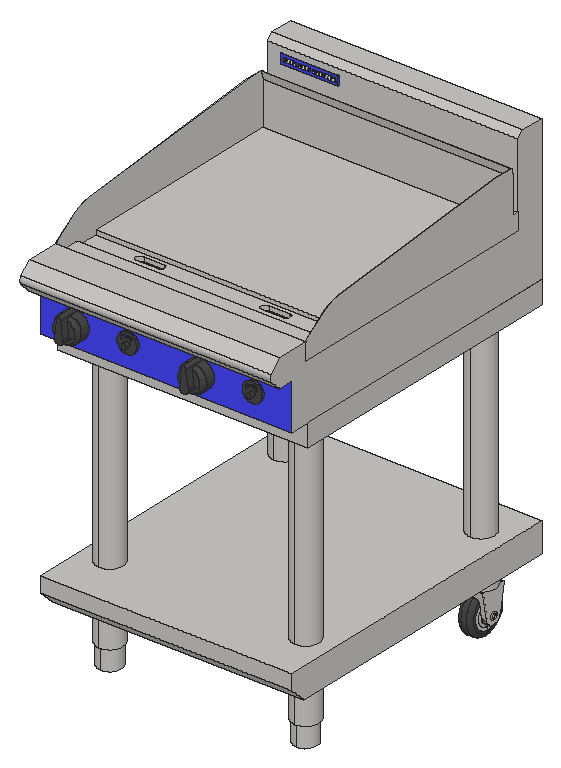
Revit family "QF_MOFFAT_BLUESEAL_CE_G514B-LS", category Specialty Equipment, Revit 2012
Parameters
  Weight in Pounds = 176  # constant formula
  URL Cutsheet = "www.moffat.com"
  URL = "www.moffat.com"
  Type Mark [instance] = ""
  Status [instance] = ""
  Specification by User [instance] = ""
  Specification by Manufacturer = ""
  Show Logo [instance] = yes
  Show Casters [instance] = yes
  Serial Number = ""
  Seismic Rating = ""
  SMACNA No = ""
  Revision Code [instance] = ""
  Omniclass Number and Title = ""
  NAFEM Spec ID Number = ""
  Model = "G514B-LS"
  Mechanical Remarks = ""
  Mechanical Connection Type = ""
  Masterspec = ""
  Manufacturer = "MOFFAT BLUESEAL"
  Legs [instance] = not(Show Casters)  # no
  Item Number [instance] = ""
  Installed By [instance] = ""
  Identify Quantity as Lot [instance] = yes
  Gas Size = 3/4"
  Gas RI Height = 0 mm
  Gas KW = 12
  Gas Input = 40800.0 Btu/h
  Gas Connection Height = 0 mm
  Furnished By [instance] = ""
  Foodservice Equipment Identifier [instance] = yes
  Description = "600MM GAS GRIDDLE PLATE ON LEG STAND"
  CSI MasterFormat = ""
  CSI Master Format = ""
  Base Height [instance] = 150 mm
Reference planes
  plane 1 "BACK": y = 0
  plane 2: z = 0
  plane 3 "LEFT": x = 0
  plane 4 "RIGHT": x = 600
  plane 5 "FRONT": y = -812
  plane 6 "TOP": z = 970
  plane 7 "Center Y": x = 300
  plane 8 "Center X": y = -406
  plane 9 "Base Height": z = 150
  plane 10: z = 915
  plane 11: y = -31
  plane 12: x = 470
  plane 13: z = 1085
  plane 14: y = -625
  plane 15: y = -100
  plane 16: z = 655
Forms (mm)
  Extrusion 1, solid, material "QF_Finishes_Stainless Steel"
    sketch origin (0, 0, 0) x (0, 1, 0) y (0, 0, 1)
      loop
        line (-749, 850) -> (-749, 740) -> (0, 740) -> (0, 1085) -> (-57.5, 1085) -> (-70, 1072.5) -> (-70, 875) -> (-705, 875) -> (-705, 915) -> (-783.97, 915) -> (-808.485, 890.485)
        arc (-808.485, 890.485) -> (-811.999, 882) -> (-808.485, 873.515) r 12
        line (-808.485, 873.515) -> (-784.97, 850) -> (-749, 850)
      loop
        line (0, 685) -> (0, 739.5) -> (-699, 739.5) -> (-699, 685) -> (0, 685)
      loop
        line (0, 222.5) -> (-749, 222.5) -> (-749, 186) -> (-713, 150) -> (0, 150) -> (0, 222.5)
    from 0 to 600
  Revolve 2, solid, material "QF_Finishes_Black"
    sketch origin (90, 7, 600) x (0, 1, 0) y (0, 0, -1)
      loop
        line (-789, -229.5) -> (-766, -229.5) -> (-766, -202) -> (-756, -202) -> (-756, -197) -> (-800, -197) -> (-800, -223.651) -> (-789, -229.5)
      axis (-800, -197) -> (-756, -197)
    angle from 0 to 360
  Extrusion 3, solid, material "QF_Finishes_Black"
    sketch origin (90, -759, 797) x (0, 0, 1) y (1, 0, 0)
      loop
        arc (32.192, -4.965) -> (37.079, 0.034) -> (32.192, 5.033) r 5
        line (32.192, 5.033) -> (-10.726, 10.453)
        arc (-10.726, 10.453) -> (-22.392, 0.618) -> (-11.893, -10.454) r 10.487
        line (-11.893, -10.454) -> (32.192, -4.965)
    from 0 to -49
  Extrusion 4, solid, material "QF_Finishes_Stainless Steel"
    sketch origin (0, 0, 222.5) x (0, -1, 0) y (1, 0, 0)
      loop
        circle (100, 65) r 31.75
      loop
        circle (625, 65) r 31.75
      loop
        circle (100, 535) r 31.75
      loop
        circle (625, 535) r 31.75
    from 0 to 462.5
  Revolve 5, solid, material "QF_Finishes_Stainless Steel", visible <- "Legs"
    sketch origin (65.5, -166, 0) x (0, 1, 0) y (0, 0, 1)
      loop
        line (34.25, 150) -> (34.25, 50) -> (38.5, 50) -> (38.5, 0) -> (66, 0) -> (66, 150) -> (34.25, 150)
      axis (66, 150) -> (66, 0)
    angle from 0 to 360
  Revolve 6, solid, material "QF_Finishes_Stainless Steel"
    sketch origin (65.5, -735, 0) x (0, 1, 0) y (0, 0, 1)
      loop
        line (78.25, 150) -> (78.25, 50) -> (82.5, 50) -> (82.5, 0) -> (110, 0) -> (110, 150) -> (78.25, 150)
      axis (110, 150) -> (110, 0)
    angle from 0 to 360
  Revolve 7, solid, material "QF_Finishes_Stainless Steel", visible <- "Legs"
    sketch origin (534.5, -166, 0) x (0, 1, 0) y (0, 0, -1)
      loop
        line (34.25, -150) -> (66, -150) -> (66, 0) -> (38.5, 0) -> (38.5, -50) -> (34.25, -50) -> (34.25, -150)
      axis (66, -150) -> (66, 0)
    angle from 0 to 360
  Revolve 8, solid, material "QF_Finishes_Stainless Steel"
    sketch origin (534.5, -728, 0) x (0, 1, 0) y (0, 0, -1)
      loop
        line (71.25, -150) -> (103, -150) -> (103, 0) -> (75.5, 0) -> (75.5, -50) -> (71.25, -50) -> (71.25, -150)
      axis (103, -150) -> (103, 0)
    angle from 0 to 360
  Revolve 9, solid, material "QF_Finishes_Black"
    sketch origin (390, 7, 600) x (0, 1, 0) y (0, 0, -1)
      loop
        line (-789, -229.5) -> (-766, -229.5) -> (-766, -202) -> (-756, -202) -> (-756, -197) -> (-800, -197) -> (-800, -223.651) -> (-789, -229.5)
      axis (-800, -197) -> (-756, -197)
    angle from 0 to 360
  Extrusion 10, solid, material "QF_Finishes_Black"
    sketch origin (390, -759, 797) x (0, 0, 1) y (1, 0, 0)
      loop
        arc (32.192, -4.965) -> (37.079, 0.034) -> (32.192, 5.033) r 5
        line (32.192, 5.033) -> (-10.726, 10.453)
        arc (-10.726, 10.453) -> (-22.392, 0.618) -> (-11.893, -10.454) r 10.487
        line (-11.893, -10.454) -> (32.192, -4.965)
    from 0 to -49
  Extrusion 11, solid, material "QF_Finishes_Black"
    sketch origin (0, -749, 850) x (0, 0, -1) y (1, 0, 0)
      loop
        circle (53, 210) r 23.9
      loop
        circle (53, 510) r 23.9
      loop
        arc (41.701, 524.079) -> (35.116, 509.341) -> (42.919, 495.209) r 18.095
        arc (42.919, 495.209) -> (47.641, 496.491) -> (46.326, 501.204) r 3.448
        arc (46.326, 501.204) -> (42.758, 509.683) -> (45.641, 518.419) r 13.109
        arc (45.641, 518.419) -> (46.501, 523.219) -> (41.701, 524.079) r 3.448
      loop
        arc (41.701, 224.079) -> (35.116, 209.341) -> (42.919, 195.209) r 18.095
        arc (42.919, 195.209) -> (47.641, 196.491) -> (46.326, 201.204) r 3.448
        arc (46.326, 201.204) -> (42.758, 209.683) -> (45.641, 218.419) r 13.109
        arc (45.641, 218.419) -> (46.501, 223.219) -> (41.701, 224.079) r 3.448
    from 0 to 5
  Revolve 12, solid, material "QF_Finishes_Stainless Steel", visible <- "Show Casters"
    sketch origin (16.276, -100.755, -13.653) x (1, 0, 0) y (0, 0, 1)
      loop
        line (14.841, 63.604) -> (83.584, 63.604) -> (83.584, 67.109) -> (82.314, 68.379) -> (80.79, 68.379) -> (80.79, 71.826) -> (68.644, 71.826) -> (68.644, 81.79) -> (65.088, 83.843) -> (63.738, 92.179) -> (65.881, 92.179) -> (65.881, 98.529) -> (65.088, 98.529) -> (65.088, 104.879)
        arc (65.088, 104.879) -> (62.298, 111.614) -> (55.563, 114.404) r 9.525
        line (55.563, 114.404) -> (42.863, 114.404)
        arc (42.863, 114.404) -> (36.127, 111.614) -> (33.338, 104.879) r 9.525
        line (33.338, 104.879) -> (33.338, 98.529) -> (32.544, 98.529) -> (32.544, 92.179) -> (34.687, 92.179) -> (33.352, 83.932) -> (29.782, 81.871) -> (29.782, 71.826) -> (17.635, 71.826) -> (17.635, 68.379) -> (16.111, 68.379) -> (14.841, 67.109) -> (14.841, 63.604)
      axis (14.841, 63.604) -> (83.584, 63.604)
    angle from 0 to 360
  Extrusion 13, solid, material "QF_Finishes_Stainless Steel", visible <- "Show Casters"
    sketch origin (72.001, 132.353, -8.783) x (0, 1, 0) y (0, 0, 1)
      loop
        line (-200.603, 118.783) -> (-264.103, 118.783) -> (-251.746, 53.895)
        arc (-251.746, 53.895) -> (-232.353, 38.783) -> (-212.959, 53.895) r 20
        line (-212.959, 53.895) -> (-200.603, 118.783)
    from -35.667 to 22.923
  Revolve 14, solid, material "QF_Finishes_Stainless Steel", visible <- "Show Casters"
    sketch origin (65.5, -204, 0) x (0, 1, 0) y (0, 0, 1)
      loop
        line (68.25, 150) -> (68.25, 110) -> (104, 110) -> (104, 150) -> (68.25, 150)
      axis (104, 150) -> (104, 110)
    angle from 0 to 360
  Revolve 15, solid, material "QF_Finishes_Stainless Steel", visible <- "Legs"
    sketch origin (65.5, -166, 0) x (0, 1, 0) y (0, 0, 1)
      loop
        line (34.25, 150) -> (34.25, 50) -> (38.5, 50) -> (38.5, 0) -> (66, 0) -> (66, 150) -> (34.25, 150)
      axis (66, 150) -> (66, 0)
    angle from 0 to 360
  Revolve 16, solid, material "QF_Finishes_Stainless Steel", visible <- "Show Casters"
    sketch origin (485.276, -100.755, -13.653) x (1, 0, 0) y (0, 0, 1)
      loop
        line (14.841, 63.604) -> (83.584, 63.604) -> (83.584, 67.109) -> (82.314, 68.379) -> (80.79, 68.379) -> (80.79, 71.826) -> (68.644, 71.826) -> (68.644, 81.79) -> (65.088, 83.843) -> (63.738, 92.179) -> (65.881, 92.179) -> (65.881, 98.529) -> (65.088, 98.529) -> (65.088, 104.879)
        arc (65.088, 104.879) -> (62.298, 111.614) -> (55.563, 114.404) r 9.525
        line (55.563, 114.404) -> (42.863, 114.404)
        arc (42.863, 114.404) -> (36.127, 111.614) -> (33.338, 104.879) r 9.525
        line (33.338, 104.879) -> (33.338, 98.529) -> (32.544, 98.529) -> (32.544, 92.179) -> (34.687, 92.179) -> (33.352, 83.932) -> (29.782, 81.871) -> (29.782, 71.826) -> (17.635, 71.826) -> (17.635, 68.379) -> (16.111, 68.379) -> (14.841, 67.109) -> (14.841, 63.604)
      axis (14.841, 63.604) -> (83.584, 63.604)
    angle from 0 to 360
  Extrusion 17, solid, material "QF_Finishes_Stainless Steel", visible <- "Show Casters"
    sketch origin (541.001, 132.353, -8.783) x (0, 1, 0) y (0, 0, 1)
      loop
        line (-200.603, 118.783) -> (-264.103, 118.783) -> (-251.746, 53.895)
        arc (-251.746, 53.895) -> (-232.353, 38.783) -> (-212.959, 53.895) r 20
        line (-212.959, 53.895) -> (-200.603, 118.783)
    from -35.667 to 22.923
  Revolve 18, solid, material "QF_Finishes_Stainless Steel", visible <- "Show Casters"
    sketch origin (534.5, -204, 0) x (0, 1, 0) y (0, 0, 1)
      loop
        line (68.25, 150) -> (68.25, 110) -> (104, 110) -> (104, 150) -> (68.25, 150)
      axis (104, 150) -> (104, 110)
    angle from 0 to 360
  Extrusion 19, solid, material "QF_Finishes_Black"
    sketch origin (0, -754, 850) x (0, 0, -1) y (1, 0, 0)
      loop
        circle (56.5, 510) r 5.75
      loop
        circle (56.5, 210) r 5.75
    from 0 to 10
  Extrusion 20, solid, material "QF_Finishes_Stainless Steel"
    sketch origin (0, 0, 685) x (-1, 0, 0) y (0, 1, 0)
      loop
        circle (-470, -32) r 6.35
    from 0 to 30
Lines and regions (mm)
  Split face 1
    outline origin (0, -56.5, 1085) x (0, 1, 0) y (-1, 0, 0)
      loop
        arc (11.115, -264.794) -> (16.115, -273.455) -> (26.115, -273.455) r 10
        line (26.115, -273.455) -> (33.115, -269.413)
        arc (33.115, -269.413) -> (36.775, -265.753) -> (38.115, -260.753) r 10
        line (38.115, -260.753) -> (38.115, -32.794)
        arc (38.115, -32.794) -> (33.115, -24.134) -> (23.115, -24.134) r 10
        line (23.115, -24.134) -> (16.115, -28.176)
        arc (16.115, -28.176) -> (12.455, -31.836) -> (11.115, -36.836) r 10
        line (11.115, -36.836) -> (11.115, -264.794)
  Split face 2
    outline origin (0, -56.5, 1085) x (0, 1, 0) y (-1, 0, 0)
      loop
        arc (11.115, -564.794) -> (16.115, -573.455) -> (26.115, -573.455) r 10
        line (26.115, -573.455) -> (33.115, -569.413)
        arc (33.115, -569.413) -> (36.775, -565.753) -> (38.115, -560.753) r 10
        line (38.115, -560.753) -> (38.115, -332.794)
        arc (38.115, -332.794) -> (33.115, -324.134) -> (23.115, -324.134) r 10
        line (23.115, -324.134) -> (16.115, -328.176)
        arc (16.115, -328.176) -> (12.455, -331.836) -> (11.115, -336.836) r 10
        line (11.115, -336.836) -> (11.115, -564.794)
  symbolic lines, style "SpecialityEquipmentHiddenLines", visible <- "Show Casters"
    curve 1: line (78.456, -46.735, 0) -> (105.952, -62.61, 0)
    curve 2: line (27.656, -134.723, 0) -> (78.456, -46.735, 0)
    curve 3: line (55.152, -150.598, 0) -> (27.656, -134.723, 0)
    curve 4: line (105.952, -62.61, 0) -> (55.152, -150.598, 0)
    curve 5: line (548.456, -46.735, 0) -> (575.952, -62.61, 0)
    curve 6: line (497.656, -134.723, 0) -> (548.456, -46.735, 0)
    curve 7: line (525.152, -150.598, 0) -> (497.656, -134.723, 0)
    curve 8: line (575.952, -62.61, 0) -> (525.152, -150.598, 0)
  symbolic lines
    curve 9: line (260.753, -18.385, 0) -> (32.794, -18.385, 0)
    curve 10: arc (32.794, -18.385, 0) -> (24.134, -23.385, 0) -> (24.134, -33.385, 0) r 10
    curve 11: line (24.134, -33.385, 0) -> (28.176, -40.385, 0)
    curve 12: arc (28.176, -40.385, 0) -> (31.836, -44.045, 0) -> (36.836, -45.385, 0) r 10
    curve 13: line (36.836, -45.385, 0) -> (264.794, -45.385, 0)
    curve 14: arc (264.794, -45.385, 0) -> (273.455, -40.385, 0) -> (273.455, -30.385, 0) r 10
    curve 15: line (273.455, -30.385, 0) -> (269.413, -23.385, 0)
    curve 16: arc (269.413, -23.385, 0) -> (265.753, -19.725, 0) -> (260.753, -18.385, 0) r 10
    curve 17: line (332.794, -18.385, 0) -> (560.753, -18.385, 0)
    curve 18: arc (560.753, -18.385, 0) -> (565.753, -19.725, 0) -> (569.413, -23.385, 0) r 10
    curve 19: line (569.413, -23.385, 0) -> (573.455, -30.385, 0)
    curve 20: arc (573.455, -30.385, 0) -> (573.455, -40.385, 0) -> (564.794, -45.385, 0) r 10
    curve 21: line (564.794, -45.385, 0) -> (336.836, -45.385, 0)
    curve 22: arc (336.836, -45.385, 0) -> (331.836, -44.045, 0) -> (328.176, -40.385, 0) r 10
    curve 23: line (328.176, -40.385, 0) -> (324.134, -33.385, 0)
    curve 24: arc (324.134, -33.385, 0) -> (324.134, -23.385, 0) -> (332.794, -18.385, 0) r 10
    curve 25: line (0, -783.97, 0) -> (600, -783.97, 0)
    curve 26: line (0, 0, 0) -> (0, -811.999, 0)
    curve 27: line (600, -811.999, 0) -> (600, 0, 0)
    curve 28: line (600, -811.999, 0) -> (0, -811.999, 0)
    curve 29: line (0, -70, 0) -> (600, -70, 0)
    curve 30: line (0, -57.5, 0) -> (600, -57.5, 0)
    curve 31: line (600, 0, 0) -> (0, 0, 0)
Dimensions and locks
  equal spacing: plane 3 "LEFT", plane 7 "Center Y", plane 4 "RIGHT"
  plane 3 "LEFT" to plane 4 "RIGHT" = 600 mm
  equal spacing: plane 5 "FRONT", plane 8 "Center X", plane 1 "BACK"
  plane 5 "FRONT" to plane 1 "BACK" = 812 mm  (x2)
  equal spacing: plane 4 "RIGHT", plane 7 "Center Y", plane 3 "LEFT"
  plane 4 "RIGHT" to plane 3 "LEFT" = 600 mm
  "Base Height": plane 9 "Base Height" to level
  plane 6 "TOP" to level = 970 mm
  plane 10 to level = 915 mm
  plane 11 to plane 1 "BACK" = 31 mm
  plane 12 to plane 4 "RIGHT" = 130 mm
  plane 13 to plane 2 = 1085 mm
  Revolve 12 sketch curve to Revolve 12 sketch curve = 50.8 mm
  Revolve 16 sketch curve to Revolve 16 sketch curve = 50.8 mm
  Extrusion 20 sketch curve to plane 1 "BACK" = 32 mm
  plane 16 to plane 2 = 655 mm
  aligned and locked: level to plane 2
Automatic sketch dimensions
  plane 10 to Extrusion 1 sketch curve = 0 mm
  Extrusion 1 sketch curve to plane 9 "Base Height" = 0 mm
  plane 13 to Extrusion 1 sketch curve = 0 mm
  Extrusion 1 sketch curve to plane 1 "BACK" = 0 mm  (x3)
  Extrusion 1 sketch curve to plane 11 = 26.5 mm
  plane 13 to Extrusion 1 sketch curve = 12.5 mm
  Extrusion 1 sketch curve to Extrusion 1 sketch curve = 12.5 mm
  Extrusion 1 sketch curve to plane 5 "FRONT" = 113 mm
  Extrusion 1 sketch curve to plane 5 "FRONT" = 107 mm
  Extrusion 1 sketch curve to plane 5 "FRONT" = 99 mm
  Extrusion 1 sketch curve to Extrusion 1 sketch curve = 44 mm
  Extrusion 1 sketch curve to Extrusion 1 sketch curve = 36 mm
  Extrusion 1 sketch curve to plane 5 "FRONT" = 28.03 mm
  Extrusion 1 sketch curve to plane 5 "FRONT" = 27.03 mm
  Extrusion 1 sketch curve to plane 5 "FRONT" = 12.001 mm
  Extrusion 1 sketch curve to plane 5 "FRONT" = 3.515 mm  (x2)
  plane 9 "Base Height" to Extrusion 1 sketch curve = 36 mm
  plane 9 "Base Height" to Extrusion 1 sketch curve = 72.5 mm
  Extrusion 1 sketch curve to Extrusion 1 sketch curve = 0.5 mm
  plane 10 to Extrusion 1 sketch curve = 65 mm
  Extrusion 1 sketch curve to Extrusion 1 sketch curve = 23.515 mm
  plane 10 to Extrusion 1 sketch curve = 40 mm
  Extrusion 1 sketch curve to Extrusion 1 sketch curve = 8.485 mm
  Revolve 2 sketch curve to plane 5 "FRONT" = 19 mm
  Revolve 2 sketch curve to Revolve 2 sketch curve = 0 mm  (x2)
  Revolve 2 sketch curve to Revolve 2 sketch curve = 11 mm
  Revolve 2 sketch curve to Revolve 2 sketch curve = 12.7 mm
  Revolve 2 sketch curve to Revolve 2 sketch curve = 23 mm
  Revolve 2 sketch curve to Revolve 2 sketch curve = 10 mm
  plane 10 to Revolve 2 sketch curve = 85.5 mm
  Revolve 2 sketch curve to Revolve 2 sketch curve = 5.849 mm
  Revolve 2 sketch curve to Revolve 2 sketch curve = 27.5 mm
  Revolve 2 sketch curve to Revolve 2 sketch curve = 5 mm
  Extrusion 4 sketch curve to Extrusion 4 sketch curve = 0 mm  (x8)
  Extrusion 1 to Extrusion 4 sketch curve = 68.25 mm  (x2)
  Extrusion 4 sketch curve to Extrusion 4 sketch curve = 31.75 mm  (x4)
  Extrusion 4 sketch curve to Extrusion 1 = 155.75 mm  (x2)
  Extrusion 1 to Extrusion 4 sketch curve = 65 mm  (x4)
  Revolve 5 sketch curve to plane 9 "Base Height" = 0 mm
  Revolve 5 sketch curve to level = 0 mm
  Revolve 5 sketch curve to plane 11 = 100.75 mm
  Revolve 5 sketch curve to Revolve 5 sketch curve = 4.25 mm
  Revolve 5 sketch curve to Revolve 5 sketch curve = 27.5 mm  (x2)
  Revolve 5 sketch curve to Revolve 5 sketch curve = 55 mm
  level to Revolve 5 sketch curve = 50 mm
  Revolve 5 sketch curve to Revolve 5 sketch curve = 0 mm
  Revolve 6 sketch curve to plane 9 "Base Height" = 0 mm
  Revolve 6 sketch curve to level = 0 mm
  level to Revolve 6 sketch curve = 50 mm
  Revolve 6 sketch curve to plane 5 "FRONT" = 155.25 mm
  Revolve 6 sketch curve to Revolve 6 sketch curve = 4.25 mm
  Revolve 6 sketch curve to Revolve 6 sketch curve = 27.5 mm  (x2)
  Revolve 6 sketch curve to Revolve 6 sketch curve = 55 mm
  Revolve 6 sketch curve to Revolve 6 sketch curve = 0 mm
  Revolve 7 sketch curve to plane 9 "Base Height" = 0 mm
  Revolve 7 sketch curve to level = 0 mm
  Revolve 7 sketch curve to plane 11 = 100.75 mm
  Revolve 7 sketch curve to Revolve 7 sketch curve = 4.25 mm
  Revolve 7 sketch curve to Revolve 7 sketch curve = 27.5 mm  (x2)
  level to Revolve 7 sketch curve = 50 mm
  Revolve 7 sketch curve to Revolve 7 sketch curve = 0 mm
  Revolve 7 sketch curve to Revolve 7 sketch curve = 55 mm
  Revolve 8 sketch curve to plane 9 "Base Height" = 0 mm
  Revolve 8 sketch curve to level = 0 mm
  level to Revolve 8 sketch curve = 50 mm
  Revolve 8 sketch curve to plane 5 "FRONT" = 155.25 mm
  Revolve 8 sketch curve to Revolve 8 sketch curve = 4.25 mm
  Revolve 8 sketch curve to Revolve 8 sketch curve = 27.5 mm  (x2)
  Revolve 8 sketch curve to Revolve 8 sketch curve = 0 mm
  Revolve 8 sketch curve to Revolve 8 sketch curve = 55 mm
  Revolve 9 sketch curve to plane 5 "FRONT" = 19 mm
  Revolve 9 sketch curve to Revolve 9 sketch curve = 0 mm  (x2)
  Revolve 9 sketch curve to Revolve 9 sketch curve = 11 mm
  Revolve 9 sketch curve to Revolve 9 sketch curve = 12.7 mm
  Revolve 9 sketch curve to Revolve 9 sketch curve = 23 mm
  Revolve 9 sketch curve to Revolve 9 sketch curve = 10 mm
  plane 10 to Revolve 9 sketch curve = 85.5 mm
  Revolve 9 sketch curve to Revolve 9 sketch curve = 5.849 mm
  Revolve 9 sketch curve to Revolve 9 sketch curve = 27.5 mm
  Revolve 9 sketch curve to Revolve 9 sketch curve = 5 mm
  plane 3 "LEFT" to Revolve 12 sketch curve = 31.118 mm
  Revolve 12 sketch curve to Revolve 12 sketch curve = 1.27 mm  (x4)
  Revolve 12 sketch curve to Revolve 12 sketch curve = 1.524 mm  (x2)
  Revolve 12 sketch curve to Revolve 12 sketch curve = 12.146 mm  (x2)
  Revolve 12 sketch curve to Revolve 12 sketch curve = 2.762 mm
  Revolve 12 sketch curve to Revolve 12 sketch curve = 0.794 mm  (x2)
  Revolve 12 sketch curve to Revolve 12 sketch curve = 3.57 mm
  Revolve 12 sketch curve to Revolve 12 sketch curve = 2.143 mm
  Revolve 12 sketch curve to Revolve 12 sketch curve = 9.525 mm
  Revolve 12 sketch curve to Revolve 12 sketch curve = 24.572 mm
  Revolve 12 sketch curve to Revolve 12 sketch curve = 12.7 mm
  Revolve 12 sketch curve to Revolve 12 sketch curve = 8.176 mm
  Revolve 12 sketch curve to Revolve 12 sketch curve = 1.349 mm  (x2)
  Revolve 12 sketch curve to Revolve 12 sketch curve = 3.556 mm
  Revolve 12 sketch curve to Revolve 12 sketch curve = 33.32 mm
  level to Revolve 12 sketch curve = 49.952 mm
  Revolve 12 sketch curve to Revolve 12 sketch curve = 0 mm
  Revolve 12 sketch curve to Revolve 12 sketch curve = 3.505 mm  (x2)
  Revolve 12 sketch curve to Revolve 12 sketch curve = 3.447 mm  (x2)
  Revolve 12 sketch curve to Revolve 12 sketch curve = 9.964 mm
  Revolve 12 sketch curve to Revolve 12 sketch curve = 10.045 mm
  Revolve 12 sketch curve to Revolve 12 sketch curve = 2.053 mm
  Revolve 12 sketch curve to Revolve 12 sketch curve = 2.061 mm
  Revolve 12 sketch curve to Revolve 12 sketch curve = 8.247 mm
  Revolve 12 sketch curve to Revolve 12 sketch curve = 8.336 mm
  Revolve 12 sketch curve to Revolve 12 sketch curve = 6.35 mm  (x2)
  Extrusion 13 sketch curve to plane 9 "Base Height" = 40 mm
  Extrusion 13 sketch curve to plane 11 = 100.75 mm
  Extrusion 13 sketch curve to Extrusion 13 sketch curve = 12.357 mm
  Extrusion 13 sketch curve to Extrusion 13 sketch curve = 19.393 mm  (x2)
  level to Extrusion 13 sketch curve = 45.111 mm
  Extrusion 13 sketch curve to plane 11 = 37.25 mm
  Extrusion 13 sketch curve to Extrusion 13 sketch curve = 4.889 mm
  Revolve 14 sketch curve to plane 9 "Base Height" = 0 mm
  Revolve 14 sketch curve to plane 9 "Base Height" = 40 mm
  Revolve 14 sketch curve to plane 11 = 104.75 mm
  Revolve 14 sketch curve to plane 11 = 69 mm
  Revolve 14 sketch curve to Revolve 14 sketch curve = 35.75 mm
  level to Revolve 14 sketch curve = 50 mm
  Revolve 14 sketch curve to level = 55 mm
  Revolve 15 sketch curve to plane 9 "Base Height" = 0 mm
  Revolve 15 sketch curve to level = 0 mm
  Revolve 15 sketch curve to plane 11 = 100.75 mm
  Revolve 15 sketch curve to Revolve 15 sketch curve = 4.25 mm
  Revolve 15 sketch curve to Revolve 15 sketch curve = 27.5 mm  (x2)
  Revolve 15 sketch curve to level = 55 mm
  Revolve 15 sketch curve to Revolve 15 sketch curve = 50 mm
  Revolve 15 sketch curve to Revolve 15 sketch curve = 0 mm
  plane 12 to Revolve 16 sketch curve = 30.118 mm
  Revolve 16 sketch curve to Revolve 16 sketch curve = 1.27 mm  (x4)
  Revolve 16 sketch curve to Revolve 16 sketch curve = 1.524 mm  (x2)
  Revolve 16 sketch curve to Revolve 16 sketch curve = 12.146 mm  (x2)
  Revolve 16 sketch curve to Revolve 16 sketch curve = 2.762 mm
  Revolve 16 sketch curve to Revolve 16 sketch curve = 0.794 mm  (x2)
  Revolve 16 sketch curve to Revolve 16 sketch curve = 3.57 mm
  Revolve 16 sketch curve to Revolve 16 sketch curve = 2.143 mm
  Revolve 16 sketch curve to Revolve 16 sketch curve = 9.525 mm
  Revolve 16 sketch curve to Revolve 16 sketch curve = 24.572 mm
  Revolve 16 sketch curve to Revolve 16 sketch curve = 12.7 mm
  Revolve 16 sketch curve to Revolve 16 sketch curve = 8.176 mm
  Revolve 16 sketch curve to Revolve 16 sketch curve = 1.349 mm  (x2)
  Revolve 16 sketch curve to Revolve 16 sketch curve = 3.556 mm
  Revolve 16 sketch curve to plane 4 "RIGHT" = 2.18 mm
  level to Revolve 16 sketch curve = 49.952 mm
  Revolve 16 sketch curve to Revolve 16 sketch curve = 0 mm
  Revolve 16 sketch curve to Revolve 16 sketch curve = 3.505 mm  (x2)
  Revolve 16 sketch curve to Revolve 16 sketch curve = 3.447 mm  (x2)
  Revolve 16 sketch curve to Revolve 16 sketch curve = 9.964 mm
  Revolve 16 sketch curve to Revolve 16 sketch curve = 10.045 mm
  Revolve 16 sketch curve to Revolve 16 sketch curve = 2.053 mm
  Revolve 16 sketch curve to Revolve 16 sketch curve = 2.061 mm
  Revolve 16 sketch curve to Revolve 16 sketch curve = 8.247 mm
  Revolve 16 sketch curve to Revolve 16 sketch curve = 8.336 mm
  Revolve 16 sketch curve to Revolve 16 sketch curve = 6.35 mm  (x2)
  Extrusion 17 sketch curve to plane 9 "Base Height" = 40 mm
  Extrusion 17 sketch curve to plane 11 = 100.75 mm
  Extrusion 17 sketch curve to Extrusion 17 sketch curve = 12.357 mm
  Extrusion 17 sketch curve to Extrusion 17 sketch curve = 19.393 mm  (x2)
  level to Extrusion 17 sketch curve = 45.111 mm
  Extrusion 17 sketch curve to plane 11 = 37.25 mm
  Extrusion 17 sketch curve to Extrusion 17 sketch curve = 4.889 mm
  Revolve 18 sketch curve to plane 9 "Base Height" = 0 mm
  Revolve 18 sketch curve to plane 9 "Base Height" = 40 mm
  Revolve 18 sketch curve to plane 11 = 104.75 mm
  Revolve 18 sketch curve to plane 11 = 69 mm
  Revolve 18 sketch curve to Revolve 18 sketch curve = 35.75 mm
  level to Revolve 18 sketch curve = 50 mm
  Revolve 18 sketch curve to level = 55 mm
  Extrusion 3 sketch curve to Revolve 2 = 0.034 mm  (x2)
  Revolve 2 to Extrusion 3 sketch curve = 10.454 mm
  Extrusion 3 sketch curve to Extrusion 3 sketch curve = 0.028 mm
  Extrusion 3 sketch curve to Revolve 2 = 10.453 mm
  Extrusion 3 sketch curve to Extrusion 3 sketch curve = 44 mm
  Extrusion 3 sketch curve to Revolve 2 = 5.033 mm
  Extrusion 3 sketch curve to Extrusion 3 sketch curve = 0.113 mm
  Revolve 2 to Extrusion 3 sketch curve = 4.965 mm
  Extrusion 10 sketch curve to Revolve 9 = 0.034 mm  (x2)
  Revolve 9 to Extrusion 10 sketch curve = 10.454 mm
  Extrusion 10 sketch curve to Extrusion 10 sketch curve = 0.028 mm
  Extrusion 10 sketch curve to Revolve 9 = 10.453 mm
  Extrusion 10 sketch curve to Extrusion 10 sketch curve = 44 mm
  Extrusion 10 sketch curve to Revolve 9 = 5.033 mm
  Extrusion 10 sketch curve to Extrusion 10 sketch curve = 0.113 mm
  Revolve 9 to Extrusion 10 sketch curve = 4.965 mm
  curve 26 to plane 3 "LEFT" = 0 mm
  curve 27 to plane 4 "RIGHT" = 0 mm
  plane 1 "BACK" to curve 26 = 0 mm
  plane 3 "LEFT" to curve 3 = 27.656 mm
  curve 10 to plane 11 = 2.385 mm
  plane 3 "LEFT" to curve 10 = 24.134 mm
  curve 11 to curve 12 = 4.041 mm
  plane 11 to curve 10 = 2.615 mm
  curve 10 to curve 10 = 8.66 mm
  curve 11 to curve 12 = 8.66 mm
  curve 2 to curve 3 = 27.496 mm
  curve 2 to plane 11 = 15.735 mm
  curve 12 to curve 2 = 41.62 mm
  plane 11 to curve 16 = 2.615 mm
  curve 16 to plane 7 "Center Y" = 39.247 mm
  curve 16 to curve 14 = 4.041 mm
  plane 11 to curve 16 = 7.615 mm
  plane 11 to curve 15 = 0.615 mm
  curve 15 to curve 15 = 4.041 mm
  curve 24 to plane 11 = 2.385 mm
  plane 7 "Center Y" to curve 24 = 24.134 mm
  curve 23 to curve 22 = 4.041 mm
  plane 11 to curve 24 = 12.615 mm
  curve 24 to curve 24 = 8.66 mm
  curve 23 to curve 22 = 8.66 mm
  plane 12 to curve 6 = 27.656 mm
  curve 6 to curve 7 = 27.496 mm
  curve 6 to plane 11 = 15.735 mm
  plane 4 "RIGHT" to curve 6 = 51.544 mm
  curve 5 to curve 18 = 12.297 mm
  curve 5 to curve 20 = 16.339 mm
  plane 11 to curve 19 = 7.615 mm
  curve 17 to curve 19 = 8.66 mm
  plane 11 to curve 20 = 0.615 mm
  curve 18 to curve 20 = 4.041 mm
  curve 8 to curve 5 = 15.875 mm
  curve 1 to curve 1 = 15.875 mm
  curve 25 to plane 5 "FRONT" = 28.03 mm
  curve 28 to plane 5 "FRONT" = 0.001 mm
  curve 14 to plane 11 = 14.385 mm
  curve 5 to curve 21 = 1.35 mm
  curve 22 to curve 23 = 7 mm
  curve 11 to curve 11 = 7 mm
  curve 29 to curve 5 = 7.39 mm
  curve 29 to curve 30 = 12.5 mm
  Extrusion 11 sketch curve to Extrusion 1 = 41.701 mm
  Extrusion 11 sketch curve to Extrusion 11 sketch curve = 1.218 mm
  Extrusion 11 sketch curve to Extrusion 11 sketch curve = 1.97 mm  (x4)
  Extrusion 11 sketch curve to Extrusion 11 sketch curve = 1.724 mm  (x2)
  Extrusion 11 sketch curve to Extrusion 11 sketch curve = 1.683 mm  (x2)
  Extrusion 11 sketch curve to Extrusion 11 sketch curve = 6.674 mm
  Extrusion 11 sketch curve to Extrusion 1 = 53 mm
  Extrusion 11 sketch curve to Extrusion 11 sketch curve = 0.195 mm  (x2)
  Extrusion 11 sketch curve to Extrusion 11 sketch curve = 2.662 mm  (x2)
  Extrusion 1 to Extrusion 11 sketch curve = 210 mm
  Extrusion 1 to Extrusion 11 sketch curve = 104.791 mm
  Extrusion 11 sketch curve to Extrusion 11 sketch curve = 2.986 mm
  Extrusion 11 sketch curve to Extrusion 11 sketch curve = 8.796 mm  (x2)
  Extrusion 11 sketch curve to Extrusion 11 sketch curve = 0.103 mm  (x2)
  Extrusion 11 sketch curve to Extrusion 11 sketch curve = 0.102 mm  (x2)
  Extrusion 11 sketch curve to Extrusion 11 sketch curve = 11.299 mm
  Extrusion 11 sketch curve to Extrusion 11 sketch curve = 10.081 mm
  Extrusion 11 sketch curve to Extrusion 11 sketch curve = 3.009 mm
  Extrusion 20 sketch curve to Extrusion 1 = 130 mm
  Extrusion 20 sketch curve to Extrusion 20 sketch curve = 6.35 mm
  plane 16 to Extrusion 1 sketch curve = 30 mm
  Extrusion 1 sketch curve to Extrusion 1 sketch curve = 54.5 mm
  Split face 1 sketch curve to Extrusion 1 = 12.115 mm
  Split face 1 sketch curve to Split face 1 sketch curve = 5 mm  (x3)
  Split face 1 sketch curve to Split face 1 sketch curve = 10 mm  (x2)
  Split face 1 sketch curve to Split face 1 sketch curve = 7 mm  (x4)
  Split face 1 sketch curve to Extrusion 1 = 273.455 mm
  Split face 1 sketch curve to Split face 1 sketch curve = 4.041 mm  (x2)
  Split face 1 sketch curve to Extrusion 1 = 36.836 mm
  Split face 2 sketch curve to Extrusion 1 = 12.115 mm
  Split face 2 sketch curve to Split face 2 sketch curve = 5 mm  (x3)
  Split face 2 sketch curve to Split face 2 sketch curve = 10 mm  (x2)
  Split face 2 sketch curve to Split face 2 sketch curve = 7 mm  (x4)
  Split face 2 sketch curve to Extrusion 1 = 26.545 mm
  Split face 2 sketch curve to Split face 2 sketch curve = 4.041 mm  (x2)
  Split face 2 sketch curve to Split face 2 sketch curve = 223.917 mm
  radius of Extrusion 11 sketch curve = 23.9 mm  (x2)
Nested families
  nested 1: "WALDORF LOGO_FACE BASE" at (32, -70, 1057.475) x (1, 0, 0) z (0, -1, 0), visible <- "Show Logo", type "WALDORF LOGO_FACE BASE", detail levels medium+fine
    with Show Logo yes
  nested 2: "GAS GRIDDLE PLATE 600" at (0, -85, 874.5), type "GAS GRIDDLE PLATE 600"
    with Width 600 mm, Type Mark "", Status "", Specification by User "", Revision Code "", Item Number "", Installed By "", Identify Quantity as Lot yes, Furnished By "", Foodservice Equipment Identifier yes, Depth 620 mm
Connectors
  piping at (470, -32, 655)
    settings: on Extrusion 20, index 1, connector radius 0.37402", flow factor 0, pipe flow 0 GPM, pressure drop 0.00 psi, fitting loss kfactor 0, connector angle 0.00°, fixture units 0, engagement length 0 mm, flow configuration 1, flow direction 1, fitting loss method 0, system type 7, joint type 0, gender type 0, connector reference index -1, connector utility 0, adjustable connector no, is connector primary yes, fitting loss table "", connector description "GAS CONNECTION"
Definition of nested family "WALDORF LOGO_FACE BASE"
  Parameters (values of type "WALDORF LOGO_FACE BASE")
    Show Logo [instance] = yes
    Default Elevation = 1219.2 mm
  Reference planes
    plane 1 "Center (Front/Back)": y = 0
    plane 2: z = 0
    plane 3 "Center (Left/Right)": x = 0
  Forms (mm)
    Extrusion 1, solid
      sketch origin (0, 0, 0) x (1, 0, 0) y (0, 1, 0)
        loop
          line (-1219.2, 1219.2) -> (-1219.2, -1219.2) -> (1219.2, -1219.2) -> (1219.2, 1219.2) -> (-1219.2, 1219.2)
      from 0 to -304.8
    Extrusion 2, solid, material "QF_Finishes_Blue", visible <- "Show Logo"
      sketch origin (0, -33.217, 0) x (1, 0, 0) y (0, 1, 0)
        loop
          arc (138, 31.942) -> (137.626, 32.844) -> (136.724, 33.217) r 1.276
          line (136.724, 33.217) -> (1.29, 33.217)
          arc (1.29, 33.217) -> (0.378, 32.839) -> (0, 31.927) r 1.29
          line (0, 31.927) -> (0, 11.507)
          arc (0, 11.507) -> (0.378, 10.595) -> (1.29, 10.217) r 1.29
          line (1.29, 10.217) -> (136.71, 10.217)
          arc (136.71, 10.217) -> (137.622, 10.595) -> (138, 11.507) r 1.29
          line (138, 11.507) -> (138, 31.942)
      from 0 to 1.588
    Extrusion 3, solid, material "QF_Finishes_White", visible <- "Show Logo"
      sketch origin (0, -33.217, 1.588) x (1, 0, 0) y (0, 1, 0)
        loop
          arc (108.946, 25.919) -> (107.613, 25.367) -> (107.061, 24.034) r 1.885
          line (107.061, 24.034) -> (107.061, 17.211) -> (112.704, 17.211) -> (112.704, 19.129) -> (115.546, 19.129) -> (115.546, 17.211) -> (121.584, 17.211) -> (121.584, 24.075)
          arc (121.584, 24.075) -> (121.043, 25.379) -> (119.739, 25.919) r 1.845
          line (119.739, 25.919) -> (108.946, 25.919)
        loop
          line (123.478, 25.919) -> (123.478, 17.163) -> (134.904, 17.163) -> (134.904, 19.129) -> (129.246, 19.129) -> (129.246, 25.919) -> (123.478, 25.919)
        loop
          line (112.704, 21.258) -> (115.546, 21.258) -> (115.546, 22.702)
          arc (115.546, 22.702) -> (115.344, 23.188) -> (114.858, 23.389) r 0.687
          line (114.858, 23.389) -> (113.363, 23.389)
          arc (113.363, 23.389) -> (112.897, 23.196) -> (112.704, 22.73) r 0.658
          line (112.704, 22.73) -> (112.704, 21.258)
        loop
          line (105.071, 25.919) -> (93.771, 25.919) -> (93.771, 17.163) -> (105.071, 17.163) -> (105.071, 19.063) -> (99.535, 19.063) -> (99.535, 20.437) -> (105.071, 20.437) -> (105.071, 22.278) -> (99.535, 22.278) -> (99.535, 23.587) -> (105.071, 23.587) -> (105.071, 25.919)
        loop
          line (91.104, 25.919) -> (79.541, 25.919)
          arc (79.541, 25.919) -> (78.558, 25.513) -> (78.152, 24.53) r 1.389
          line (78.152, 24.53) -> (78.152, 22.08)
          arc (78.152, 22.08) -> (78.558, 21.098) -> (79.541, 20.691) r 1.389
          line (79.541, 20.691) -> (86.346, 20.691) -> (86.346, 18.864) -> (83.266, 18.864) -> (83.266, 19.664) -> (78.152, 19.664) -> (78.152, 18.553)
          arc (78.152, 18.553) -> (78.558, 17.57) -> (79.541, 17.163) r 1.389
          line (79.541, 17.163) -> (91.063, 17.163)
          arc (91.063, 17.163) -> (92.045, 17.57) -> (92.452, 18.553) r 1.389
          line (92.452, 18.553) -> (92.452, 20.691)
          arc (92.452, 20.691) -> (92.045, 21.673) -> (91.063, 22.08) r 1.389
          line (91.063, 22.08) -> (83.266, 22.08) -> (83.266, 23.984) -> (86.346, 23.984) -> (86.346, 22.743) -> (92.452, 22.743) -> (92.452, 24.571)
          arc (92.452, 24.571) -> (92.057, 25.524) -> (91.104, 25.919) r 1.348
        loop
          line (70.705, 25.919) -> (59.405, 25.919) -> (59.405, 17.163) -> (70.705, 17.163) -> (70.705, 19.063) -> (65.169, 19.063) -> (65.169, 20.437) -> (70.705, 20.437) -> (70.705, 22.278) -> (65.169, 22.278) -> (65.169, 23.587) -> (70.705, 23.587) -> (70.705, 25.919)
        loop
          line (57.598, 25.919) -> (51.7, 25.919) -> (51.7, 20.18)
          arc (51.7, 20.18) -> (50.63, 19.11) -> (49.56, 20.18) r 1.07
          line (49.56, 20.18) -> (49.56, 25.919) -> (43.663, 25.919) -> (43.663, 19.049)
          arc (43.663, 19.049) -> (44.215, 17.716) -> (45.548, 17.163) r 1.885
          line (45.548, 17.163) -> (55.71, 17.163)
          arc (55.71, 17.163) -> (57.045, 17.716) -> (57.598, 19.051) r 1.887
          line (57.598, 19.051) -> (57.598, 25.919)
        loop
          line (31.62, 25.919) -> (31.62, 17.163) -> (43.046, 17.163) -> (43.046, 19.129) -> (37.388, 19.129) -> (37.388, 25.919) -> (31.62, 25.919)
        loop
          line (15.969, 25.919) -> (15.969, 17.163) -> (28.693, 17.163)
          arc (28.693, 17.163) -> (29.812, 17.627) -> (30.276, 18.746) r 1.582
          line (30.276, 18.746) -> (30.276, 20.447) -> (29.48, 21.243) -> (30.276, 22.039) -> (30.276, 24.332)
          arc (30.276, 24.332) -> (29.811, 25.454) -> (28.688, 25.919) r 1.587
          line (28.688, 25.919) -> (15.969, 25.919)
        loop
          line (21.449, 24.159) -> (21.449, 22.436) -> (23.862, 22.436)
          arc (23.862, 22.436) -> (24.723, 23.298) -> (23.862, 24.159) r 0.861
          line (23.862, 24.159) -> (21.449, 24.159)
        loop
          line (21.449, 20.244) -> (21.449, 18.522) -> (23.862, 18.522)
          arc (23.862, 18.522) -> (24.723, 19.383) -> (23.862, 20.244) r 0.861
          line (23.862, 20.244) -> (21.449, 20.244)
      from 0 to 0.2
    Extrusion 4, solid, material "QF_Finishes_Blue", visible <- "Show Logo"
      sketch origin (-126.498, -31.09, 1.588) x (1, 0, 0) y (0, 1, 0)
        loop
          line (136.738, 23.522) -> (136.738, 15.1)
          arc (136.738, 15.1) -> (140.756, 19.311) -> (136.738, 23.522) r 4.216
      from 0 to 0.2
    Extrusion 5, solid, material "QF_Finishes_Red", visible <- "Show Logo"
      sketch origin (146.849, -31.09, 1.588) x (-1, 0, 0) y (0, -1, 0)
        loop
          arc (136.738, -23.522) -> (140.756, -19.311) -> (136.738, -15.1) r 4.216
          line (136.738, -15.1) -> (136.738, -23.522)
      from 0 to 0.2
  Lines and regions (mm)
    Split face 1
      outline origin (-90.35, -30.793, 1.588) x (1, 0, 0) y (0, 1, 0)
        loop
          circle (100.54, 19.013) r 4.536
  Dimensions and locks
    aligned and locked: plane 2 to Extrusion 1
    aligned and locked: level to Extrusion 1
Definition of nested family "GAS GRIDDLE PLATE 600"
  Parameters (values of type "GAS GRIDDLE PLATE 600")
    Width [instance] = 600 mm
    Weight in Pounds = 0
    URL Cutsheet = ""
    Type Mark [instance] = ""
    Status [instance] = ""
    Specification by User [instance] = ""
    Specification by Manufacturer = ""
    Serial Number = ""
    Seismic Rating = ""
    SMACNA No = ""
    Revision Code [instance] = ""
    Omniclass Number and Title = ""
    NAFEM Spec ID Number = ""
    Masterspec = ""
    Item Number [instance] = ""
    Installed By [instance] = ""
    Identify Quantity as Lot [instance] = yes
    Furnished By [instance] = ""
    Foodservice Equipment Identifier [instance] = yes
    Depth [instance] = 620 mm
    CSI MasterFormat = ""
    CSI Master Format = ""
  Reference planes
    plane 1 "BACK": y = 0
    plane 2: z = 0
    plane 3 "LEFT": x = 0
    plane 4 "RIGHT": x = 600
    plane 5 "FRONT": y = -620
    plane 6 "TOP": z = 142.5
    plane 7 "Center Y": x = 300
    plane 8 "Center X": y = -310
    plane 9: y = -530.997
    plane 10: y = -541.497
    plane 11: y = -503.25
    plane 12: y = -557.737
  Forms (mm)
    Extrusion 1, solid, material "QF_Finishes_Stainless Steel"
      sketch origin (0, 70.003, -874.5) x (0, 1, 0) y (0, 0, 1)
        loop
          line (-70, 875) -> (-70, 997.489) -> (-75.228, 1017) -> (-117.24, 1017) -> (-589.533, 971.523)
          arc (-589.533, 971.523) -> (-614.56, 965.803) -> (-637.306, 953.899) r 100
          line (-637.306, 953.899) -> (-690.003, 917) -> (-690.003, 875) -> (-70, 875)
      from 0 to 1.8
    Extrusion 2, solid, material "QF_Finishes_Stainless Steel"
      sketch origin (600, 70.003, -874.5) x (0, -1, 0) y (0, 0, 1)
        loop
          line (70, 875) -> (690.003, 875) -> (690.003, 917) -> (637.306, 953.899)
          arc (637.306, 953.899) -> (614.56, 965.803) -> (589.533, 971.523) r 100
          line (589.533, 971.523) -> (117.24, 1017) -> (75.228, 1017) -> (70, 997.489) -> (70, 875)
      from 0 to 1.2
    Extrusion 3, solid, material "QF_Finishes_Stainless Steel"
      sketch origin (150, 70.003, -874.5) x (0, 1, 0) y (0, 0, 1)
        loop
          line (-70, 894.5) -> (-573.253, 894.5) -> (-573.253, 884) -> (-627.74, 884) -> (-627.74, 894.5) -> (-690.003, 894.5) -> (-690.003, 874.5) -> (-55, 874.5) -> (-55, 914.5) -> (-70, 914.5) -> (-70, 894.5)
      from -150 to 450
    Extrusion 4, void
      sketch origin (150, -541.497, 10) x (0, -1, 0) y (1, 0, 0)
        loop
          arc (-7.497, 25) -> (-17.497, 35) -> (-27.497, 25) r 10
          line (-27.497, 25) -> (-27.497, -25)
          arc (-27.497, -25) -> (-17.497, -35) -> (-7.497, -25) r 10
          line (-7.497, -25) -> (-7.497, 25)
        loop
          arc (-7.497, 325) -> (-17.497, 335) -> (-27.497, 325) r 10
          line (-27.497, 325) -> (-27.497, 275)
          arc (-27.497, 275) -> (-17.497, 265) -> (-7.497, 275) r 10
          line (-7.497, 275) -> (-7.497, 325)
      from -41.4 to 40.142
    Extrusion 5, solid, material "QF_Finishes_Stainless Steel"
      sketch origin (0, 70.003, -874.5) x (0, 1, 0) y (0, 0, 1)
        loop
          line (-70, 875) -> (-70, 997.489) -> (-75.228, 1017) -> (-76.884, 1017) -> (-71.6, 997.278) -> (-71.6, 875) -> (-70, 875)
      from 0 to 598.8
  Cuts and joins
    Extrusion 4 cuts Extrusion 3
    joined: Extrusion 1, Extrusion 2, Extrusion 3, Extrusion 5
  Lines and regions (mm)
    symbolic lines
      curve 1: line (598.8, -503.25, 0) -> (0, -503.25, 0)
      curve 2: line (1.8, -557.737, 0) -> (598.8, -557.737, 0)
      curve 3: line (0, -620, 0) -> (600, -620, 0)
      curve 4: line (175, -534, 0) -> (125, -534, 0)
      curve 5: arc (125, -534, 0) -> (115, -524, 0) -> (125, -514, 0) r 10
      curve 6: line (125, -514, 0) -> (175, -514, 0)
      curve 7: arc (175, -514, 0) -> (185, -524, 0) -> (175, -534, 0) r 10
      curve 8: arc (425, -514, 0) -> (415, -524, 0) -> (425, -534, 0) r 10
      curve 9: line (425, -534, 0) -> (475, -534, 0)
      curve 10: arc (475, -534, 0) -> (485, -524, 0) -> (475, -514, 0) r 10
      curve 11: line (475, -514, 0) -> (425, -514, 0)
      curve 12: line (600, -5.225, 0) -> (0, -5.225, 0)
      curve 13: line (0, -5.225, 0) -> (0, -620, 0)
      curve 14: line (600, -620, 0) -> (600, -5.225, 0)
  Dimensions and locks
    equal spacing: plane 3 "LEFT", plane 7 "Center Y", plane 4 "RIGHT"
    "Width": plane 3 "LEFT" to plane 4 "RIGHT"
    equal spacing: plane 5 "FRONT", plane 8 "Center X", plane 1 "BACK"
    "Depth": plane 5 "FRONT" to plane 1 "BACK"
    locked: Extrusion 2 to Extrusion 2 at 1.2
    Extrusion 4 sketch curve to Extrusion 4 sketch curve to plane 7 "Center Y" = 50 mm locked, 125 mm locked  (x2)
    aligned and locked: level to plane 2
    aligned and locked: Extrusion 2 to plane 4 "RIGHT"
    aligned and locked: curve 1 to plane 11
    aligned and locked: plane 12 to curve 2
    aligned and locked: Extrusion 5 to cut or joined group of Extrusion 1, Extrusion 2, Extrusion 3, Extrusion 4, Extrusion 5
    aligned and locked: cut or joined group of Extrusion 1, Extrusion 2, Extrusion 3, Extrusion 4, Extrusion 5 to plane 4 "RIGHT"
    aligned and locked: curve 5 to cut or joined group of Extrusion 1, Extrusion 2, Extrusion 3, Extrusion 4, Extrusion 5
    aligned and locked: curve 7 to cut or joined group of Extrusion 1, Extrusion 2, Extrusion 3, Extrusion 4, Extrusion 5
    aligned and locked: cut or joined group of Extrusion 1, Extrusion 2, Extrusion 3, Extrusion 4, Extrusion 5 to plane 3 "LEFT"
  Automatic sketch dimensions
    Extrusion 1 sketch curve to plane 5 "FRONT" = 0 mm
    Extrusion 1 sketch curve to plane 6 "TOP" = 0 mm
    plane 12 to Extrusion 1 sketch curve = 9.566 mm
    plane 11 to Extrusion 1 sketch curve = 16.28 mm
    Extrusion 1 sketch curve to level = 2.516 mm
    plane 11 to Extrusion 1 sketch curve = 6.695 mm
    plane 1 "BACK" to Extrusion 1 sketch curve = 47.237 mm
    plane 1 "BACK" to Extrusion 1 sketch curve = 5.225 mm
    Extrusion 1 sketch curve to plane 1 "BACK" = 0.003 mm
    level to Extrusion 1 sketch curve = 0.5 mm
    Extrusion 1 sketch curve to Extrusion 1 sketch curve = 42 mm
    Extrusion 1 sketch curve to plane 6 "TOP" = 63.101 mm
    Extrusion 1 sketch curve to plane 6 "TOP" = 19.511 mm
    Extrusion 2 sketch curve to plane 6 "TOP" = 0 mm
    Extrusion 2 sketch curve to plane 5 "FRONT" = 0 mm
    plane 12 to Extrusion 2 sketch curve = 9.566 mm
    plane 11 to Extrusion 2 sketch curve = 16.28 mm
    Extrusion 2 sketch curve to level = 2.516 mm
    plane 11 to Extrusion 2 sketch curve = 6.695 mm
    plane 1 "BACK" to Extrusion 2 sketch curve = 47.237 mm
    plane 1 "BACK" to Extrusion 2 sketch curve = 5.225 mm
    Extrusion 2 sketch curve to plane 1 "BACK" = 0.003 mm
    level to Extrusion 2 sketch curve = 0.5 mm
    Extrusion 2 sketch curve to Extrusion 2 sketch curve = 42 mm
    Extrusion 2 sketch curve to plane 6 "TOP" = 63.101 mm
    Extrusion 2 sketch curve to plane 6 "TOP" = 19.511 mm
    plane 1 "BACK" to Extrusion 5 sketch curve = 5.225 mm
    Extrusion 5 sketch curve to plane 1 "BACK" = 0.003 mm
    Extrusion 5 sketch curve to plane 6 "TOP" = 19.511 mm
    Extrusion 5 sketch curve to Extrusion 5 sketch curve = 1.6 mm
    Extrusion 5 sketch curve to Extrusion 5 sketch curve = 0.211 mm
    Extrusion 5 sketch curve to plane 6 "TOP" = 0 mm
    Extrusion 5 sketch curve to Extrusion 5 sketch curve = 1.656 mm
    level to Extrusion 5 sketch curve = 0.5 mm
    plane 11 to Extrusion 4 sketch curve = 10.75 mm  (x2)
    Extrusion 4 sketch curve to Extrusion 4 sketch curve = 10 mm  (x2)
    plane 5 "FRONT" to curve 3 = 0 mm
    curve 9 to plane 12 = 23.737 mm
    plane 7 "Center Y" to curve 9 = 125 mm
    curve 9 to curve 9 = 50 mm
    curve 9 to curve 10 = 10 mm
    plane 3 "LEFT" to curve 2 = 1.8 mm
    plane 3 "LEFT" to curve 12 = 0 mm
    plane 4 "RIGHT" to curve 2 = 1.2 mm
    plane 4 "RIGHT" to curve 3 = 0 mm
    plane 4 "RIGHT" to curve 1 = 1.2 mm
    plane 1 "BACK" to curve 14 = 5.225 mm
    Extrusion 3 sketch curve to plane 5 "FRONT" = 0 mm
    Extrusion 3 sketch curve to plane 12 = 0 mm
    Extrusion 3 sketch curve to plane 11 = 0 mm
    Extrusion 3 sketch curve to plane 1 "BACK" = 0.003 mm
    level to Extrusion 3 sketch curve = 0 mm
    Extrusion 3 sketch curve to Extrusion 3 sketch curve = 15 mm
    level to Extrusion 3 sketch curve = 9.5 mm
    Extrusion 3 sketch curve to Extrusion 3 sketch curve = 10.5 mm
    Extrusion 3 sketch curve to Extrusion 3 sketch curve = 20 mm  (x2)
